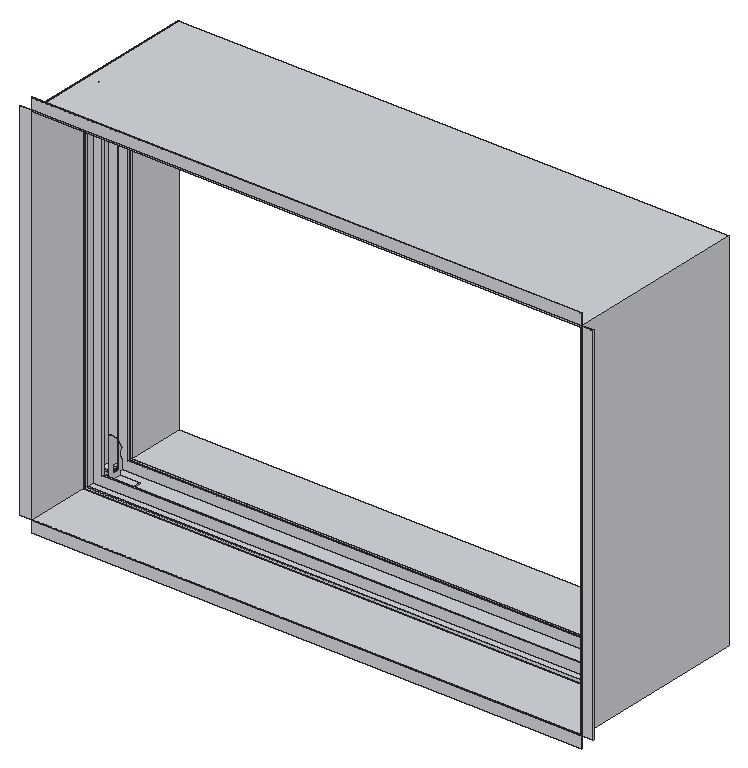
Revit family "FDD-AOW", category Mechanical Equipment, Revit 2015
Parameters
  URL = "http://unitedenertech.com/catalog/pdf/A-25%20%20FDD-AOW.pdf"
  Type Comments = "Max Sizes are (Vertical 42\"w x 36\"h) (Horizontal 36\"w x 36\"h)"
  Model = "FDD-AOW"
  Manufacturer = "United Enertech Corporation"
  Exact Width = 3' - 0"
  Exact Height = 2' - 0"
  Description = "Curtain Fire Damper for use in Dynamic Systems"
  Depth = 1' - 0"
  Damper Frame Width [instance] = Exact Width - 0' 0 9/128"  # 2' - 11 119/128"
  Damper Frame Height [instance] = Exact Height - 0' 0 9/128"  # 1' - 11 119/128"
Reference planes (in)
  plane 1 "Center (Front/Back)": y = 0
  plane 2: z = 0
  plane 3 "Center (Left/Right)": x = 0
  plane 4: x = -18
  plane 5: x = 18
  plane 6: y = -6
  plane 7: y = 6
  plane 8: z = 24
  plane 9: x = -17.96484
  plane 10: x = 17.96484
  plane 11: z = 0.0359
  plane 12: z = 23.96559
  plane 13: x = -18.75
  plane 14: x = 18.75
  plane 15: z = -0.75
  plane 16: z = 24.75
  plane 17: y = -5.9641
Forms (in)
  Extrusion 1, solid
    sketch origin (0, 0, 0) x (1, 0, 0) y (0, 0, 1)
      loop
        line (-18, 24) -> (-18, 0) -> (18, 0) -> (18, 24) -> (-18, 24)
      loop
        line (-17.96484, 23.96559) -> (-17.96484, 0.0359) -> (17.96484, 0.0359) -> (17.96484, 23.96559) -> (-17.96484, 23.96559)
    from -6 to 6
  Extrusion 2, solid
    sketch origin (0, 0, 0) x (1, 0, 0) y (0, 0, 1)
      loop
        line (-18.75, 24) -> (-18.75, 0) -> (-18, 0) -> (-18, 24) -> (-18.75, 24)
    from 5.9641 to 6
  Extrusion 3, solid
    sketch origin (0, 0, 0) x (-1, 0, 0) y (0, 0, -1)
      loop
        line (-18.75, -24) -> (-18, -24) -> (-18, 0) -> (-18.75, 0) -> (-18.75, -24)
    from 5.9641 to 6
  Extrusion 4, solid
    sketch origin (18, 0, 18) x (0, 0, -1) y (1, 0, 0)
      loop
        line (-6.75, -36) -> (-6, -36) -> (-6, 0) -> (-6.75, 0) -> (-6.75, -36)
    from 5.9641 to 6
  Extrusion 5, solid
    sketch origin (-18, 0, 18) x (0, 0, 1) y (-1, 0, 0)
      loop
        line (-18.75, -36) -> (-18, -36) -> (-18, 0) -> (-18.75, 0) -> (-18.75, -36)
    from 5.9641 to 6
Dimensions and locks (in)
  equal spacing: plane 4, plane 3 "Center (Left/Right)", plane 5
  "Exact Width": plane 4 to plane 5
  equal spacing: plane 7, plane 1 "Center (Front/Back)", plane 6
  "Depth": plane 7 to plane 6
  "Damper Frame Width": plane 9 to plane 10
  equal spacing: plane 9, plane 3 "Center (Left/Right)", plane 10
  "Exact Height": plane 8 to level
  locked: plane 11 to level at 0.0359
  "Damper Frame Height": plane 12 to plane 11
  locked: plane 13 to plane 4 at 0.75
  locked: plane 14 to plane 5 at 0.75
  locked: level to plane 15 at 0.75
  locked: plane 16 to plane 8 at 0.75
  locked: plane 17 to plane 6 at 0.0359
  aligned and locked: level to plane 2
  aligned and locked: level to Extrusion 1 sketch curve
  aligned and locked: Extrusion 1 sketch curve to plane 4
  aligned and locked: Extrusion 1 sketch curve to plane 5
  aligned and locked: Extrusion 1 sketch curve to plane 8
  aligned and locked: Extrusion 1 sketch curve to plane 12
  aligned and locked: plane 10 to Extrusion 1 sketch curve
  aligned and locked: plane 11 to Extrusion 1 sketch curve
  aligned and locked: plane 9 to Extrusion 1 sketch curve
  aligned and locked: plane 7 to Extrusion 1
  aligned and locked: Extrusion 1 to plane 6
  aligned and locked: Extrusion 2 sketch curve to plane 13
  aligned and locked: level to Extrusion 2 sketch curve
  aligned and locked: plane 4 to Extrusion 2 sketch curve
  aligned and locked: Extrusion 2 sketch curve to plane 8
  aligned and locked: plane 17 to Extrusion 2
  aligned and locked: plane 17 to Extrusion 4
  aligned and locked: plane 17 to Extrusion 5
  aligned and locked: plane 17 to Extrusion 3
  aligned and locked: Extrusion 3 to plane 6
  aligned and locked: Extrusion 4 to plane 6
  aligned and locked: Extrusion 5 to plane 6
  aligned and locked: Extrusion 2 to plane 6
  aligned and locked: plane 3 "Center (Left/Right)" to nested 1
Automatic sketch dimensions
  Extrusion 3 sketch curve to level = 0' - 0"
  Extrusion 3 sketch curve to plane 14 = 0' - 0"
  Extrusion 3 sketch curve to plane 5 = 0' - 0"
  Extrusion 3 sketch curve to plane 8 = 0' - 0"
  Extrusion 4 sketch curve to plane 5 = 0' - 0"
  Extrusion 4 sketch curve to plane 16 = 0' - 0"
  Extrusion 4 sketch curve to plane 8 = 0' - 0"
  plane 4 to Extrusion 4 sketch curve = 0' - 0"
  plane 4 to Extrusion 5 sketch curve = 0' - 0"
  Extrusion 5 sketch curve to plane 15 = 0' - 0"
  Extrusion 5 sketch curve to level = 0' - 0"
  Extrusion 5 sketch curve to plane 5 = 0' - 0"
Nested families (in)
  nested 1: "FDD-ALB" at (0, 0, 0), type "FDD-ALB"
    with EFL Height 0' - 3 5/64", Blade Width 2' - 11 103/128", Blade Pair Number 6, Exact Width 2' - 11 119/128", Damper Height 1' - 11 119/128"
Definition of nested family "FDD-ALB"
  Parameters (values of type "FDD-ALB")
    URL = "http://unitedenertech.com/catalog/pdf/A-10%20%20FDD-ALB.pdf"
    Type Comments = "Max. Sizes are (Vertical 72\"w x 36\"h or 36\"w x 72\"h) (Horizontal 36\"w x 36\"h)"
    Model = "FDD-ALB"
    Manufacturer = "United Enertech Corporation"
    Keynote = ""
    Exact Width = 3' - 0"
    EFL Height [instance] = Blade Pair Number * 0' 0 13/32" + 0' 0 41/64"  # 0' - 3 5/64"
    Description = "Curtain Fire Damper for use in Static or Dynamic Systems"
    Damper Height = 2' - 0"
    Depth = 0' - 3 11/16"
    Blade Width [instance] = Exact Width - 0' 0 1/8"  # 2' - 11 7/8"
    Blade Pair Number [instance] = (Damper Height - 0' 0 9/128") / 0' 3 7/8"  # 6
  Reference planes (in)
    plane 1 "Center (Front/Back)": y = 0
    plane 2: z = 0
    plane 3 "Center (Left/Right)": x = 0
    plane 4: x = -18
    plane 5: x = 18
    plane 6: y = -1.84375
    plane 7: y = 1.84375
    plane 8: z = 24
    plane 9: x = -17.9641
    plane 10: x = 17.9641
    plane 11: z = 0.0359
    plane 12: z = 23.9641
    plane 13: y = 1.09375
    plane 14: y = -1.09375
    plane 15: y = -0.96875
    plane 16: y = 0.96875
    plane 17: z = 0.6609
    plane 18: x = -17.3391
    plane 19: x = 17.3391
    plane 20: z = 23.3391
    plane 21: x = -0.25
    plane 22: x = 0.25
    plane 23: z = 20.88598
    plane 24: z = 20.92188
    plane 25: z = 0.2234
    plane 26: z = 23.7766
    plane 27: x = 17.7766
    plane 28: x = -17.7766
    plane 29: y = 1.80785
    plane 30: y = -1.80785
  Forms (in)
    Extrusion 1, solid
      sketch origin (0, 0, 0) x (1, 0, 0) y (0, 0, 1)
        loop
          line (-17.9641, 23.9641) -> (-17.9641, 0.0359) -> (17.9641, 0.0359) -> (17.9641, 23.9641) -> (-17.9641, 23.9641)
        loop
          line (-18, 24) -> (-18, 0) -> (18, 0) -> (18, 24) -> (-18, 24)
      from -1.84375 to 1.84375
    Extrusion 2, solid
      sketch origin (0, 0, 0) x (1, 0, 0) y (0, 0, 1)
        loop
          line (-17.3391, 23.3391) -> (-17.3391, 0.6609) -> (17.3391, 0.6609) -> (17.3391, 23.3391) -> (-17.3391, 23.3391)
        loop
          line (-17.9641, 23.9641) -> (-17.9641, 0.0359) -> (17.9641, 0.0359) -> (17.9641, 23.9641) -> (-17.9641, 23.9641)
      from 0.96875 to 1.09375
    Extrusion 3, solid
      sketch origin (0, 0, 0) x (1, 0, 0) y (0, 0, 1)
        loop
          line (-17.3391, 23.3391) -> (-17.3391, 0.6609) -> (17.3391, 0.6609) -> (17.3391, 23.3391) -> (-17.3391, 23.3391)
        loop
          line (-17.9641, 23.9641) -> (-17.9641, 0.0359) -> (17.9641, 0.0359) -> (17.9641, 23.9641) -> (-17.9641, 23.9641)
      from -1.09375 to -0.96875
    Extrusion 4, solid
      sketch origin (0, 0, 0) x (0, 1, 0) y (0, 0, 1)
        loop
          line (0.96875, 23.9641) -> (0.93285, 23.9641) -> (0.93285, 20.88598) -> (1.43285, 20.88598) -> (1.43285, 21.55473) -> (1.39695, 21.55473) -> (1.39695, 20.92188) -> (0.96875, 20.92188) -> (0.96875, 23.9641)
      from -0.25 to 0.25
    Extrusion 5, solid
      sketch origin (0, 0, 0) x (0, -1, 0) y (0, 0, -1)
        loop
          line (0.96875, -23.9641) -> (0.96875, -20.92188) -> (1.39695, -20.92188) -> (1.39695, -21.55473) -> (1.43285, -21.55473) -> (1.43285, -20.88598) -> (0.93285, -20.88598) -> (0.93285, -23.9641) -> (0.96875, -23.9641)
      from -0.25 to 0.25
    Extrusion 6, solid
      sketch origin (0, 0, 0) x (0, 1, 0) y (0, 0, 1)
        loop
          line (0.18683, 0.46965) -> (0.18683, 20.88598) -> (0.15093, 20.88598) -> (0.15093, 0.46965) -> (0.18683, 0.46965)
      from 17.3391 to 17.9641
    Extrusion 7, solid
      sketch origin (0, 0, 0) x (0, 1, 0) y (0, 0, 1)
        loop
          line (0.18683, 0.46965) -> (0.18683, 20.88598) -> (0.15093, 20.88598) -> (0.15093, 0.46965) -> (0.18683, 0.46965)
      from -17.3391 to -17.9641
    Extrusion 8, solid
      sketch origin (0, 0, 0) x (0, 1, 0) y (0, 0, 1)
        loop
          arc (0.18683, 20.88598) -> (0.08831, 21.27851) -> (-0.15941, 21.59854) r 0.98736
          line (-0.15941, 21.59854) -> (-0.18442, 21.57353)
          arc (-0.18442, 21.57353) -> (0.05139, 21.26299) -> (0.15093, 20.88598) r 1.00288
          line (0.15093, 20.88598) -> (0.18683, 20.88598)
      from 17.3391 to 17.9641
    Extrusion 9, solid
      sketch origin (0, 0, 0) x (0, 1, 0) y (0, 0, 1)
        loop
          arc (0.18683, 20.88598) -> (0.08831, 21.27851) -> (-0.15941, 21.59854) r 0.98736
          line (-0.15941, 21.59854) -> (-0.18442, 21.57353)
          arc (-0.18442, 21.57353) -> (0.05139, 21.26299) -> (0.15093, 20.88598) r 1.00288
          line (0.15093, 20.88598) -> (0.18683, 20.88598)
      from -17.9641 to -17.3391
    Extrusion 10, solid
      sketch origin (0, 0, 0) x (1, 0, 0) y (0, 0, 1)
        loop
          line (-17.7766, 23.7766) -> (-17.7766, 0.2234) -> (17.7766, 0.2234) -> (17.7766, 23.7766) -> (-17.7766, 23.7766)
        loop
          line (-17.9641, 0.0359) -> (17.9641, 0.0359) -> (17.9641, 23.9641) -> (-17.9641, 23.9641) -> (-17.9641, 0.0359)
      from -1.84375 to -1.80785
    Extrusion 11, solid
      sketch origin (0, 0, 0) x (1, 0, 0) y (0, 0, 1)
        loop
          line (-17.7766, 23.7766) -> (-17.7766, 0.2234) -> (17.7766, 0.2234) -> (17.7766, 23.7766) -> (-17.7766, 23.7766)
        loop
          line (-17.9641, 0.0359) -> (17.9641, 0.0359) -> (17.9641, 23.9641) -> (-17.9641, 23.9641) -> (-17.9641, 0.0359)
      from 1.80785 to 1.84375
  Dimensions and locks (in)
    equal spacing: plane 4, plane 3 "Center (Left/Right)", plane 5
    "Exact Width": plane 4 to plane 5
    equal spacing: plane 7, plane 1 "Center (Front/Back)", plane 6
    "Depth": plane 7 to plane 6
    "Damper Height": plane 8 to level
    locked: plane 9 to plane 4 at 0.0359
    locked: plane 5 to plane 10 at 0.0359
    locked: plane 8 to plane 12 at 0.0359
    locked: plane 11 to level at 0.0359
    locked: plane 13 to plane 14 at 2.1875
    locked: plane 15 to plane 14 at 0.125
    locked: plane 13 to plane 16 at 0.125
    locked: plane 18 to plane 9 at 0.625
    locked: plane 10 to plane 19 at 0.625
    locked: plane 17 to plane 11 at 0.625
    locked: plane 12 to plane 20 at 0.625
    equal spacing: group 1, group 2, group 3, group 4, group 5, group 6  (x2)
    equal spacing: group 6, group 5, group 4, group 3, group 2, group 1
    locked: nested 1 to nested 2 at 0.40625
    "EFL Height": plane 12 to plane 23
    locked: plane 24 to plane 23 at 0.0359
    locked: plane 25 to level at 0.2234
    locked: plane 8 to plane 26 at 0.2234
    locked: plane 4 to plane 28 at 0.2234
    locked: plane 5 to plane 27 at 0.2234
    locked: plane 7 to plane 29 at 0.0359
    locked: plane 30 to plane 6 at 0.0359
    aligned and locked: level to plane 2
    aligned and locked: level to Extrusion 1 sketch curve
    aligned and locked: Extrusion 1 sketch curve to plane 4
    aligned and locked: Extrusion 1 sketch curve to plane 5
    aligned and locked: Extrusion 1 sketch curve to plane 8
    aligned and locked: Extrusion 1 sketch curve to plane 12
    aligned and locked: plane 10 to Extrusion 1 sketch curve
    aligned and locked: plane 11 to Extrusion 1 sketch curve
    aligned and locked: plane 9 to Extrusion 1 sketch curve
    aligned and locked: plane 7 to Extrusion 1
    aligned and locked: Extrusion 1 to plane 6
    aligned and locked: plane 11 to Extrusion 2 sketch curve
    aligned and locked: plane 9 to Extrusion 2 sketch curve
    aligned and locked: plane 10 to Extrusion 2 sketch curve
    aligned and locked: Extrusion 2 sketch curve to plane 12
    aligned and locked: Extrusion 2 sketch curve to plane 20
    aligned and locked: Extrusion 2 sketch curve to plane 19
    aligned and locked: plane 17 to Extrusion 2 sketch curve
    aligned and locked: Extrusion 2 sketch curve to plane 18
    aligned and locked: plane 13 to Extrusion 3
    aligned and locked: Extrusion 3 to plane 16
    aligned and locked: plane 15 to Extrusion 2
    aligned and locked: Extrusion 2 to plane 14
    aligned and locked: plane 3 "Center (Left/Right)" to nested 1
    aligned and locked: plane 12 to nested 1
    aligned and locked: plane 21 to Extrusion 5
    aligned and locked: plane 21 to Extrusion 4
    aligned and locked: plane 22 to Extrusion 5
    aligned and locked: plane 22 to Extrusion 4
    aligned and locked: Extrusion 5 sketch curve to plane 23
    aligned and locked: plane 23 to Extrusion 4 sketch curve
    aligned and locked: plane 24 to Extrusion 4 sketch curve
    aligned and locked: Extrusion 5 sketch curve to plane 24
    aligned and locked: nested 4 to plane 24
    aligned and locked: nested 6 to plane 9
    aligned and locked: plane 10 to nested 7
    aligned and locked: Extrusion 6 sketch curve to plane 23
    aligned and locked: Extrusion 7 to plane 9
    aligned and locked: Extrusion 7 to plane 18
    aligned and locked: Extrusion 6 to plane 19
    aligned and locked: Extrusion 6 to plane 10
    aligned and locked: Extrusion 8 sketch curve to plane 23
    aligned and locked: Extrusion 9 to plane 9
    aligned and locked: Extrusion 9 to plane 18
    aligned and locked: plane 10 to Extrusion 8
    aligned and locked: Extrusion 8 to plane 19
    aligned and locked: Extrusion 10 sketch curve to plane 11
    aligned and locked: Extrusion 10 sketch curve to plane 10
    aligned and locked: Extrusion 10 sketch curve to plane 9
    aligned and locked: plane 12 to Extrusion 10 sketch curve
    aligned and locked: plane 26 to Extrusion 10 sketch curve
    aligned and locked: Extrusion 10 sketch curve to plane 28
    aligned and locked: Extrusion 10 sketch curve to plane 25
    aligned and locked: Extrusion 10 sketch curve to plane 27
    aligned and locked: plane 7 to Extrusion 10
    aligned and locked: Extrusion 10 to plane 29
    aligned and locked: Extrusion 11 to plane 30
    aligned and locked: Extrusion 11 to plane 6
  Automatic sketch dimensions
    Extrusion 3 sketch curve to plane 9 = 0' - 0"
    Extrusion 3 sketch curve to plane 17 = 0' - 0"
    plane 18 to Extrusion 3 sketch curve = 0' - 0"
    Extrusion 3 sketch curve to plane 19 = 0' - 0"
    plane 10 to Extrusion 3 sketch curve = 0' - 0"
    Extrusion 3 sketch curve to plane 11 = 0' - 0"
    Extrusion 3 sketch curve to plane 20 = 0' - 0"
    Extrusion 3 sketch curve to plane 12 = 0' - 0"
    Extrusion 4 sketch curve to plane 12 = 0' - 0"
    Extrusion 4 sketch curve to plane 16 = 0' - 0"
    Extrusion 4 sketch curve to plane 16 = 0' - 0.0359"
    plane 13 to Extrusion 4 sketch curve = 0' - 0.3032"
    Extrusion 4 sketch curve to Extrusion 4 sketch curve = 0' - 0.0359"
    plane 24 to Extrusion 4 sketch curve = 0' - 0.63285"
    Extrusion 5 sketch curve to plane 12 = 0' - 0"
    Extrusion 5 sketch curve to plane 15 = 0' - 0"
    Extrusion 5 sketch curve to plane 15 = 0' - 0.0359"
    plane 14 to Extrusion 5 sketch curve = 0' - 0.3032"
    Extrusion 5 sketch curve to Extrusion 5 sketch curve = 0' - 0.0359"
    Extrusion 5 sketch curve to plane 24 = 0' - 0.63285"
    Extrusion 6 sketch curve to plane 1 "Center (Front/Back)" = 0' - 0.15093"
    Extrusion 6 sketch curve to Extrusion 6 sketch curve = 0' - 0.0359"
    Extrusion 6 sketch curve to plane 17 = 0' - 0.19125"
    Extrusion 7 sketch curve to plane 23 = 0' - 0"
    Extrusion 7 sketch curve to plane 1 "Center (Front/Back)" = 0' - 0.15093"
    Extrusion 7 sketch curve to Extrusion 7 sketch curve = 0' - 0.0359"
    Extrusion 7 sketch curve to plane 17 = 0' - 0.19125"
    plane 15 to Extrusion 8 sketch curve = 0' - 0.11876"
    Extrusion 8 sketch curve to Extrusion 8 sketch curve = 0' - 0.05023"
    plane 1 "Center (Front/Back)" to Extrusion 8 sketch curve = 0' - 0.18442"
    Extrusion 8 sketch curve to Extrusion 8 sketch curve = 0' - 0.02501"
    Extrusion 8 sketch curve to plane 1 "Center (Front/Back)" = 0' - 0.15093"
    Extrusion 8 sketch curve to Extrusion 8 sketch curve = 0' - 0.0359"
    Extrusion 8 sketch curve to plane 23 = 0' - 0.03898"
    Extrusion 8 sketch curve to Extrusion 8 sketch curve = 0' - 0.02364"
    Extrusion 9 sketch curve to plane 23 = 0' - 0"
    plane 15 to Extrusion 9 sketch curve = 0' - 0.11876"
    Extrusion 9 sketch curve to Extrusion 9 sketch curve = 0' - 0.05023"
    plane 1 "Center (Front/Back)" to Extrusion 9 sketch curve = 0' - 0.18442"
    Extrusion 9 sketch curve to Extrusion 9 sketch curve = 0' - 0.02501"
    Extrusion 9 sketch curve to plane 1 "Center (Front/Back)" = 0' - 0.15093"
    Extrusion 9 sketch curve to Extrusion 9 sketch curve = 0' - 0.0359"
    Extrusion 9 sketch curve to plane 23 = 0' - 0.03898"
    Extrusion 9 sketch curve to Extrusion 9 sketch curve = 0' - 0.02364"
    Extrusion 11 sketch curve to plane 9 = 0' - 0"
    Extrusion 11 sketch curve to plane 25 = 0' - 0"
    plane 28 to Extrusion 11 sketch curve = 0' - 0"
    Extrusion 11 sketch curve to plane 26 = 0' - 0"
    Extrusion 11 sketch curve to plane 27 = 0' - 0"
    plane 10 to Extrusion 11 sketch curve = 0' - 0"
    Extrusion 11 sketch curve to plane 11 = 0' - 0"
    Extrusion 11 sketch curve to plane 12 = 0' - 0"
  Nested families (in)
    nested 1: "FD-SALB BLADESEDITED" at (0, 1.17008, 23.12138), type "FD-SALB BLADESEDITED"
      with Blade Width 2' - 11 7/8"
    nested 2: "FD-SALB BLADESEDITED" at (0, 1.17008, 22.71513), type "FD-SALB BLADESEDITED"
      with Blade Width 2' - 11 7/8"
    nested 3: "FD-SALB BLADESEDITED" at (0, 1.17008, 22.30888), type "FD-SALB BLADESEDITED"
      with Blade Width 2' - 11 7/8"
    nested 4: "EFL" at (4.62017, 3.54736, 20.92188), type "EFL"
    nested 5: "FD-SALB BLADESEDITED" at (0, 1.17008, 21.90263), type "FD-SALB BLADESEDITED"
      with Blade Width 2' - 11 7/8"
    nested 6: "Fire Damper Spring" at (-17.41019, -4.48368, -2.82915) x (0, 1, 0) z (0, 0, 1), type "Fire Damper Spring"
    nested 7: "Fire Damper Spring" at (17.41019, -4.48368, -2.82915) x (0, 1, 0) z (0, 0, 1), type "Fire Damper Spring"
    nested 8: "FD-SALB BLADESEDITED" at (0, 1.17008, 21.49638), type "FD-SALB BLADESEDITED"
      with Blade Width 2' - 11 7/8"
    nested 9: "FD-SALB BLADESEDITED" at (0, 1.17008, 21.09013), type "FD-SALB BLADESEDITED"
      with Blade Width 2' - 11 7/8"
  Definition of nested family "FD-SALB BLADESEDITED"
    Parameters (values of type "FD-SALB BLADESEDITED")
      Blade Width = 1' - 11 7/8"
    Reference planes (in)
      plane 1 "Center (Front/Back)": y = 0
      plane 2: z = 0
      plane 3 "Center (Left/Right)": x = 0
      plane 4: x = -11.9375
      plane 5: x = 11.9375
    Forms (in)
      Extrusion 1, solid
        sketch origin (0, 0, 0) x (0, 1, 0) y (0, 0, 1)
          loop
            line (-0.31672, 0.53073) -> (-0.3446, 0.62657)
            arc (-0.3446, 0.62657) -> (-0.33726, 0.6415) -> (-0.32269, 0.63348) r 0.0115
            line (-0.32269, 0.63348) -> (-0.30545, 0.53536)
            arc (-0.30545, 0.53536) -> (-0.31611, 0.49773) -> (-0.35217, 0.48264) r 0.045
            line (-0.35217, 0.48264) -> (-0.39872, 0.48554)
            arc (-0.39872, 0.48554) -> (-0.42675, 0.49692) -> (-0.44125, 0.52348) r 0.045
            line (-0.44125, 0.52348) -> (-0.47071, 0.66865)
            arc (-0.47071, 0.66865) -> (-0.48965, 0.70349) -> (-0.5262, 0.7189) r 0.06
            line (-0.5262, 0.7189) -> (-1.55698, 0.78305) -> (-1.76244, 0.79584)
            arc (-1.76244, 0.79584) -> (-1.79846, 0.78683) -> (-1.82228, 0.75836) r 0.06
            line (-1.82228, 0.75836) -> (-1.88016, 0.61423)
            arc (-1.88016, 0.61423) -> (-1.90974, 0.57877) -> (-1.95445, 0.56733) r 0.075
            arc (-1.95445, 0.56733) -> (-2.03902, 0.60869) -> (-2.06957, 0.69773) r 0.123
            line (-2.06957, 0.69773) -> (-2.06418, 0.78456)
            arc (-2.06418, 0.78456) -> (-2.05371, 0.80551) -> (-2.03138, 0.81256) r 0.03
            line (-2.03138, 0.81256) -> (-1.90763, 0.80489) -> (-1.90763, 0.8362) -> (-2.01284, 0.84272) -> (-2.04641, 0.84272)
            arc (-2.04641, 0.84272) -> (-2.08042, 0.82292) -> (-2.09536, 0.7865) r 0.06125
            line (-2.09536, 0.7865) -> (-2.10077, 0.69966)
            arc (-2.10077, 0.69966) -> (-2.06244, 0.58801) -> (-1.95639, 0.53614) r 0.15425
            arc (-1.95639, 0.53614) -> (-1.89306, 0.55235) -> (-1.8512, 0.60257) r 0.10625
            line (-1.8512, 0.60257) -> (-1.7933, 0.74674)
            arc (-1.7933, 0.74674) -> (-1.78183, 0.76038) -> (-1.76452, 0.76466) r 0.02875
            line (-1.76452, 0.76466) -> (-1.55892, 0.75186) -> (-0.52813, 0.68773)
            arc (-0.52813, 0.68773) -> (-0.51045, 0.68016) -> (-0.50148, 0.66314) r 0.02875
            line (-0.50148, 0.66314) -> (-0.47199, 0.51784)
            arc (-0.47199, 0.51784) -> (-0.4474, 0.47346) -> (-0.4004, 0.45434) r 0.07625
            line (-0.4004, 0.45434) -> (-0.35398, 0.45144)
            arc (-0.35398, 0.45144) -> (-0.29278, 0.47694) -> (-0.27468, 0.54073) r 0.07625
            line (-0.27468, 0.54073) -> (-0.29191, 0.63889)
            arc (-0.29191, 0.63889) -> (-0.33988, 0.67434) -> (-0.37768, 0.6282) r 0.04327
            line (-0.37768, 0.6282) -> (-0.34677, 0.52199) -> (-0.31672, 0.53073)
        from -11.9375 to 11.9375
      Extrusion 2, solid
        sketch origin (0, 0, 0) x (0, 1, 0) y (0, 0, 1)
          loop
            arc (-0.31635, 0.67497) -> (-0.29361, 0.66856) -> (-0.28256, 0.64768) r 0.03
            line (-0.28256, 0.64768) -> (-0.2714, 0.56286)
            arc (-0.2714, 0.56286) -> (-0.29582, 0.47194) -> (-0.37737, 0.42491) r 0.123
            arc (-0.37737, 0.42491) -> (-0.42275, 0.43328) -> (-0.45469, 0.46664) r 0.075
            line (-0.45469, 0.46664) -> (-0.52225, 0.60648)
            arc (-0.52225, 0.60648) -> (-0.54755, 0.63305) -> (-0.58358, 0.63992) r 0.06
            line (-0.58358, 0.63992) -> (-0.78858, 0.61304) -> (-1.81262, 0.47877)
            arc (-1.81262, 0.47877) -> (-1.84723, 0.46173) -> (-1.86432, 0.42714) r 0.06
            line (-1.86432, 0.42714) -> (-1.88437, 0.27537)
            arc (-1.88437, 0.27537) -> (-1.89734, 0.2499) -> (-1.92301, 0.23735) r 0.045
            line (-1.92301, 0.23735) -> (-1.96868, 0.2314)
            arc (-1.96868, 0.2314) -> (-2.00696, 0.24361) -> (-2.02023, 0.28153) r 0.045
            line (-2.02023, 0.28153) -> (-2.00995, 0.379)
            arc (-2.00995, 0.379) -> (-1.99657, 0.38882) -> (-1.98728, 0.37505) r 0.0115
            line (-1.98728, 0.37505) -> (-2.00879, 0.27676) -> (-1.97772, 0.26996) -> (-1.95543, 0.37179)
            arc (-1.95543, 0.37179) -> (-1.99381, 0.41919) -> (-2.04121, 0.38081) r 0.04313
            line (-2.04121, 0.38081) -> (-2.05127, 0.28509)
            arc (-2.05127, 0.28509) -> (-2.02877, 0.22122) -> (-1.96431, 0.20045) r 0.07625
            line (-1.96431, 0.20045) -> (-1.91897, 0.20638)
            arc (-1.91897, 0.20638) -> (-1.87533, 0.22771) -> (-1.85342, 0.27106) r 0.07625
            line (-1.85342, 0.27106) -> (-1.83333, 0.42305)
            arc (-1.83333, 0.42305) -> (-1.82514, 0.43962) -> (-1.80853, 0.44779) r 0.02875
            line (-1.80853, 0.44779) -> (-0.78452, 0.58205) -> (-0.57967, 0.60892)
            arc (-0.57967, 0.60892) -> (-0.56246, 0.60559) -> (-0.55039, 0.5929) r 0.02875
            line (-0.55039, 0.5929) -> (-0.48278, 0.45303)
            arc (-0.48278, 0.45303) -> (-0.4376, 0.40578) -> (-0.37331, 0.39393) r 0.10625
            arc (-0.37331, 0.39393) -> (-0.27103, 0.4529) -> (-0.24041, 0.56695) r 0.15425
            line (-0.24041, 0.56695) -> (-0.2515, 0.65113)
            arc (-0.2515, 0.65113) -> (-0.27433, 0.69316) -> (-0.32041, 0.70596) r 0.06125
            line (-0.32041, 0.70596) -> (-0.44437, 0.68971) -> (-0.44031, 0.65872) -> (-0.31635, 0.67497)
        from -11.9375 to 11.9375
    Dimensions and locks (in)
      equal spacing: plane 4, plane 3 "Center (Left/Right)", plane 5
      "Blade Width": plane 4 to plane 5
      aligned and locked: level to plane 2
      aligned and locked: plane 4 to Extrusion 1
      aligned and locked: plane 4 to Extrusion 2
      aligned and locked: plane 5 to Extrusion 1
      aligned and locked: plane 5 to Extrusion 2
    Automatic sketch dimensions
      Extrusion 2 sketch curve to Extrusion 2 sketch curve = 0' - 0"  (x35)
      level to Extrusion 2 sketch curve = 0' - 0.28509"
      plane 1 "Center (Front/Back)" to Extrusion 2 sketch curve = 0' - 2.05127"
      level to Extrusion 2 sketch curve = 0' - 0.38081"
      Extrusion 2 sketch curve to Extrusion 2 sketch curve = 0' - 0.01006"
      level to Extrusion 2 sketch curve = 0' - 0.28153"
      Extrusion 2 sketch curve to Extrusion 2 sketch curve = 0' - 0.03105"
      level to Extrusion 2 sketch curve = 0' - 0.27676"
      Extrusion 2 sketch curve to Extrusion 2 sketch curve = 0' - 0.01143"  (x2)
      Extrusion 2 sketch curve to Extrusion 2 sketch curve = 0' - 0.04266"
      Extrusion 2 sketch curve to Extrusion 2 sketch curve = 0' - 0.00023"
      level to Extrusion 2 sketch curve = 0' - 0.26996"
      Extrusion 2 sketch curve to Extrusion 2 sketch curve = 0' - 0.03107"
      Extrusion 2 sketch curve to Extrusion 2 sketch curve = 0' - 0.00213"
      level to Extrusion 2 sketch curve = 0' - 0.2314"
      Extrusion 2 sketch curve to Extrusion 2 sketch curve = 0' - 0.00904"
      level to Extrusion 2 sketch curve = 0' - 0.20045"
      level to Extrusion 2 sketch curve = 0' - 0.37179"
      Extrusion 2 sketch curve to Extrusion 2 sketch curve = 0' - 0.0467"
      level to Extrusion 2 sketch curve = 0' - 0.27537"
      Extrusion 2 sketch curve to Extrusion 2 sketch curve = 0' - 0.04451"
      level to Extrusion 2 sketch curve = 0' - 0.27106"
      Extrusion 2 sketch curve to Extrusion 2 sketch curve = 0' - 0.03095"
      Extrusion 2 sketch curve to Extrusion 2 sketch curve = 0' - 0.0486"
      plane 1 "Center (Front/Back)" to Extrusion 2 sketch curve = 0' - 0.78452"
      Extrusion 2 sketch curve to Extrusion 2 sketch curve = 0' - 0.20094"
      Extrusion 2 sketch curve to Extrusion 2 sketch curve = 0' - 0 1/256"  (x2)
      Extrusion 2 sketch curve to Extrusion 2 sketch curve = 0' - 0.0034"
      Extrusion 2 sketch curve to Extrusion 2 sketch curve = 0' - 0.13921"
      Extrusion 2 sketch curve to Extrusion 2 sketch curve = 0' - 0.00406"  (x3)
      Extrusion 2 sketch curve to Extrusion 2 sketch curve = 0' - 0.04695"
      Extrusion 2 sketch curve to Extrusion 2 sketch curve = 0' - 0.00624"
      Extrusion 2 sketch curve to Extrusion 2 sketch curve = 0' - 0.0809"
      Extrusion 2 sketch curve to Extrusion 2 sketch curve = 0' - 0.0299"
      Extrusion 2 sketch curve to Extrusion 2 sketch curve = 0' - 0.03106"
      Extrusion 2 sketch curve to Extrusion 2 sketch curve = 0' - 0.00661"
      Extrusion 2 sketch curve to Extrusion 2 sketch curve = 0' - 0.00119"
      Extrusion 2 sketch curve to Extrusion 2 sketch curve = 0' - 0.14822"
      level to Extrusion 2 sketch curve = 0' - 0.49927"
      Extrusion 2 sketch curve to Extrusion 2 sketch curve = 0' - 0.04759"
      Extrusion 2 sketch curve to Extrusion 2 sketch curve = 0' - 0.0335"
      Extrusion 2 sketch curve to Extrusion 2 sketch curve = 0' - 0.00168"
      Extrusion 2 sketch curve to Extrusion 2 sketch curve = 0' - 0.02855"
      Extrusion 2 sketch curve to Extrusion 2 sketch curve = 0' - 0.031"
      Extrusion 2 sketch curve to Extrusion 2 sketch curve = 0' - 0.09835"
      Extrusion 2 sketch curve to Extrusion 2 sketch curve = 0' - 0.00246"
      Extrusion 2 sketch curve to Extrusion 2 sketch curve = 0' - 0.00345"
      Extrusion 2 sketch curve to Extrusion 2 sketch curve = 0' - 0.11186"
      Extrusion 2 sketch curve to Extrusion 2 sketch curve = 0' - 0.03098"  (x3)
      level to Extrusion 2 sketch curve = 0' - 0.37898"
      Extrusion 2 sketch curve to Extrusion 2 sketch curve = 0' - 0.00003"  (x4)
      Extrusion 2 sketch curve to Extrusion 2 sketch curve = 0' - 0.01101"
      level to Extrusion 2 sketch curve = 0' - 0.37505"
      Extrusion 2 sketch curve to Extrusion 2 sketch curve = 0' - 0.00585"
      level to Extrusion 2 sketch curve = 0' - 0.23735"
      Extrusion 2 sketch curve to Extrusion 2 sketch curve = 0' - 0.00404"
      level to Extrusion 2 sketch curve = 0' - 0.20636"
      level to Extrusion 2 sketch curve = 0' - 0.42714"
      Extrusion 2 sketch curve to Extrusion 2 sketch curve = 0' - 0.0595"
      level to Extrusion 2 sketch curve = 0' - 0.42305"
      Extrusion 2 sketch curve to Extrusion 2 sketch curve = 0' - 0.02852"
      Extrusion 2 sketch curve to Extrusion 2 sketch curve = 0' - 0.0207"
      level to Extrusion 2 sketch curve = 0' - 0.47878"
      Extrusion 2 sketch curve to Extrusion 2 sketch curve = 0' - 0.00374"
      level to Extrusion 2 sketch curve = 0' - 0.44779"
      Extrusion 2 sketch curve to Extrusion 2 sketch curve = 0' - 0.02588"
      Extrusion 2 sketch curve to Extrusion 2 sketch curve = 0' - 0.02814"
      Extrusion 2 sketch curve to Extrusion 2 sketch curve = 0' - 0.0957"
      Extrusion 2 sketch curve to Extrusion 2 sketch curve = 0' - 0.00004"  (x2)
      Extrusion 2 sketch curve to Extrusion 2 sketch curve = 0' - 0.02809"
      Extrusion 2 sketch curve to Extrusion 2 sketch curve = 0' - 0.00975"
      Extrusion 2 sketch curve to Extrusion 2 sketch curve = 0' - 0.00796"
      Extrusion 2 sketch curve to Extrusion 2 sketch curve = 0' - 0.01116"
      Extrusion 2 sketch curve to Extrusion 2 sketch curve = 0' - 0.00002"
      Extrusion 1 sketch curve to Extrusion 1 sketch curve = 0' - 0"  (x30)
      level to Extrusion 1 sketch curve = 0' - 0.7827"
      plane 1 "Center (Front/Back)" to Extrusion 1 sketch curve = 0' - 2.03423"
      Extrusion 1 sketch curve to Extrusion 1 sketch curve = 0' - 0.00284"
      Extrusion 1 sketch curve to Extrusion 1 sketch curve = 0' - 0.01854"
      Extrusion 1 sketch curve to Extrusion 1 sketch curve = 0' - 0.08443"
      Extrusion 1 sketch curve to Extrusion 1 sketch curve = 0' - 0.00298"
      Extrusion 1 sketch curve to Extrusion 1 sketch curve = 0' - 0.03918"
      Extrusion 1 sketch curve to Extrusion 1 sketch curve = 0' - 0.14102"
      level to Extrusion 1 sketch curve = 0' - 0.76466"
      Extrusion 1 sketch curve to Extrusion 1 sketch curve = 0' - 0.00209"
      level to Extrusion 1 sketch curve = 0' - 0.79584"
      Extrusion 1 sketch curve to Extrusion 1 sketch curve = 0' - 0.00208"  (x2)
      level to Extrusion 1 sketch curve = 0' - 0.75186"
      Extrusion 1 sketch curve to Extrusion 1 sketch curve = 0' - 0.2056"
      Extrusion 1 sketch curve to Extrusion 1 sketch curve = 0' - 0.00194"  (x2)
      plane 1 "Center (Front/Back)" to Extrusion 1 sketch curve = 0' - 0.52993"
      Extrusion 1 sketch curve to Extrusion 1 sketch curve = 0' - 0.02845"
      Extrusion 1 sketch curve to Extrusion 1 sketch curve = 0' - 0.02949"
      Extrusion 1 sketch curve to Extrusion 1 sketch curve = 0' - 0.03077"  (x2)
      Extrusion 1 sketch curve to Extrusion 1 sketch curve = 0' - 0.03074"
      Extrusion 1 sketch curve to Extrusion 1 sketch curve = 0' - 0.04085"
      Extrusion 1 sketch curve to Extrusion 1 sketch curve = 0' - 0.00168"
      Extrusion 1 sketch curve to Extrusion 1 sketch curve = 0' - 0.04445"
      Extrusion 1 sketch curve to Extrusion 1 sketch curve = 0' - 0.01912"
      Extrusion 1 sketch curve to Extrusion 1 sketch curve = 0' - 0.04641"
      Extrusion 1 sketch curve to Extrusion 1 sketch curve = 0' - 0.00182"
      Extrusion 1 sketch curve to Extrusion 1 sketch curve = 0' - 0.00238"
      Extrusion 1 sketch curve to Extrusion 1 sketch curve = 0' - 0.00302"
      Extrusion 1 sketch curve to Extrusion 1 sketch curve = 0' - 0.03307"
      Extrusion 1 sketch curve to Extrusion 1 sketch curve = 0' - 0.01008"
      Extrusion 1 sketch curve to Extrusion 1 sketch curve = 0' - 0.00072"
      Extrusion 1 sketch curve to Extrusion 1 sketch curve = 0' - 0.01112"
      Extrusion 1 sketch curve to Extrusion 1 sketch curve = 0' - 0.03006"
      Extrusion 1 sketch curve to Extrusion 1 sketch curve = 0' - 0.03078"
      Extrusion 1 sketch curve to Extrusion 1 sketch curve = 0' - 0.02867"
      Extrusion 1 sketch curve to Extrusion 1 sketch curve = 0' - 0.09261"
      level to Extrusion 1 sketch curve = 0' - 0.66865"
      Extrusion 1 sketch curve to Extrusion 1 sketch curve = 0' - 0.00551"
      Extrusion 1 sketch curve to Extrusion 1 sketch curve = 0' - 0.00412"
      Extrusion 1 sketch curve to Extrusion 1 sketch curve = 0' - 0.04791"
      Extrusion 1 sketch curve to Extrusion 1 sketch curve = 0' - 0.02976"
      Extrusion 1 sketch curve to Extrusion 1 sketch curve = 0' - 0.00541"
      Extrusion 1 sketch curve to Extrusion 1 sketch curve = 0' - 0.00087"
      Extrusion 1 sketch curve to Extrusion 1 sketch curve = 0' - 0.00852"
      Extrusion 1 sketch curve to Extrusion 1 sketch curve = 0' - 0.00559"
      Extrusion 1 sketch curve to Extrusion 1 sketch curve = 0' - 0.00702"
      Extrusion 1 sketch curve to Extrusion 1 sketch curve = 0' - 0.00564"
      Extrusion 1 sketch curve to Extrusion 1 sketch curve = 0' - 0.03935"
      Extrusion 1 sketch curve to Extrusion 1 sketch curve = 0' - 0.0312"
      Extrusion 1 sketch curve to Extrusion 1 sketch curve = 0' - 0.03119"
      Extrusion 1 sketch curve to Extrusion 1 sketch curve = 0' - 0.1148"
      Extrusion 1 sketch curve to Extrusion 1 sketch curve = 0' - 0.03131"
      Extrusion 1 sketch curve to Extrusion 1 sketch curve = 0' - 0.02994"
      level to Extrusion 1 sketch curve = 0' - 0.78456"
      Extrusion 1 sketch curve to Extrusion 1 sketch curve = 0' - 0.00539"
      level to Extrusion 1 sketch curve = 0' - 0.69772"
      Extrusion 1 sketch curve to Extrusion 1 sketch curve = 0' - 0.03117"
      Extrusion 1 sketch curve to Extrusion 1 sketch curve = 0' - 0.03118"
      level to Extrusion 1 sketch curve = 0' - 0.69966"
      Extrusion 1 sketch curve to Extrusion 1 sketch curve = 0' - 0.03357"
      Extrusion 1 sketch curve to Extrusion 1 sketch curve = 0' - 0.0066"
      Extrusion 1 sketch curve to Extrusion 1 sketch curve = 0' - 0.06959"
      level to Extrusion 1 sketch curve = 0' - 0.61423"
      Extrusion 1 sketch curve to Extrusion 1 sketch curve = 0' - 0.00004"  (x2)
      Extrusion 1 sketch curve to Extrusion 1 sketch curve = 0' - 0.02896"
      level to Extrusion 1 sketch curve = 0' - 0.60259"
      level to Extrusion 1 sketch curve = 0' - 0.75838"
      Extrusion 1 sketch curve to Extrusion 1 sketch curve = 0' - 0.05778"
      level to Extrusion 1 sketch curve = 0' - 0.74674"
      Extrusion 1 sketch curve to Extrusion 1 sketch curve = 0' - 0.02669"
      Extrusion 1 sketch curve to Extrusion 1 sketch curve = 0' - 0.00179"
      Extrusion 1 sketch curve to Extrusion 1 sketch curve = 0' - 0.00193"
      Extrusion 1 sketch curve to Extrusion 1 sketch curve = 0' - 0.01125"
      Extrusion 1 sketch curve to Extrusion 1 sketch curve = 0' - 0.00003"
      Extrusion 1 sketch curve to Extrusion 1 sketch curve = 0' - 0.05622"
      Extrusion 1 sketch curve to Extrusion 1 sketch curve = 0' - 0.03016"
  Definition of nested family "EFL"
    Reference planes (in)
      plane 1 "Center (Front/Back)": y = 0
      plane 2: z = 0
      plane 3 "Center (Left/Right)": x = 0
    Forms (in)
      Extrusion 1, solid
        sketch origin (0, 0, 0) x (1, 0, 0) y (0, 1, 0)
          loop
            arc (-4.87017, -4.05324) -> (-4.81525, -4.18582) -> (-4.68267, -4.24074) r 0.1875
            line (-4.68267, -4.24074) -> (-4.55767, -4.24074)
            arc (-4.55767, -4.24074) -> (-4.42508, -4.18582) -> (-4.37017, -4.05324) r 0.1875
            line (-4.37017, -4.05324) -> (-4.37017, -3.41574) -> (-4.87017, -3.41574) -> (-4.87017, -4.05324)
          loop
            circle (-4.62017, -4.05324) r 0.0625
        from 0.1 to 0.05
      Extrusion 2, solid
        sketch origin (-9.24033, -7.08147, 0) x (-1, 0, 0) y (0, -1, 0)
          loop
            arc (-4.87017, -4.05324) -> (-4.81525, -4.18582) -> (-4.68267, -4.24074) r 0.1875
            line (-4.68267, -4.24074) -> (-4.55767, -4.24074)
            arc (-4.55767, -4.24074) -> (-4.42508, -4.18582) -> (-4.37017, -4.05324) r 0.1875
            line (-4.37017, -4.05324) -> (-4.37017, -3.41574) -> (-4.87017, -3.41574) -> (-4.87017, -4.05324)
          loop
            circle (-4.62017, -4.05324) r 0.0625
        from 0 to 0.05
      Sweep 3, solid
        path in 3D
          loop
            line (-4.62017, -4.16421, 0) -> (-4.62017, -4.22608, 0)
            arc (-4.62017, -4.22608, 0) -> (-4.65678, -4.31447, 0) -> (-4.74517, -4.35108, 0) r 0.125
            line (-4.74517, -4.35108, 0) -> (-4.92568, -4.35108, 0)
            arc (-4.92568, -4.35108, 0) -> (-5.02859, -4.454, 0) -> (-4.92568, -4.55691, 0) r 0.10291
            line (-4.92568, -4.55691, 0) -> (-4.62017, -4.55691, 0) -> (-4.31465, -4.55691, 0)
            arc (-4.31465, -4.55691, 0) -> (-4.21174, -4.454, 0) -> (-4.31465, -4.35108, 0) r 0.10291
            line (-4.31465, -4.35108, 0) -> (-4.58427, -4.35108, 0)
        profile origin (-4.62017, -4.19515, 0) x (1, 0, 0) y (0, 0, 1)
          loop
            circle (0, 0) r 0.03202
      Sweep 4, solid
        path in 3D
          loop
            line (-4.62017, -4.283, 0.1526) -> (-4.62017, -4.12297, 0.1526)
            arc (-4.62017, -4.12297, 0.1526) -> (-4.62017, -4.04635, 0.07598) -> (-4.62017, -4.12297, -0.00063) r 0.07662
            line (-4.62017, -4.12297, -0.00063) -> (-4.62017, -4.16421, -0.00063)
        profile origin (-4.62017, -4.14359, -0.00063) x (0, 0, -1) y (1, 0, 0)
          loop
            circle (0, 0) r 0.03138
      Sweep 5, solid
        path in 3D
          loop
            line (-4.62017, -2.91726, 0) -> (-4.62017, -2.85539, 0)
            arc (-4.62017, -2.85539, 0) -> (-4.65678, -2.767, 0) -> (-4.74517, -2.73039, 0) r 0.125
            line (-4.74517, -2.73039, 0) -> (-4.92568, -2.73039, 0)
            arc (-4.92568, -2.73039, 0) -> (-5.02859, -2.62747, 0) -> (-4.92568, -2.52456, 0) r 0.10291
            line (-4.92568, -2.52456, 0) -> (-4.62017, -2.52456, 0) -> (-4.31465, -2.52456, 0)
            arc (-4.31465, -2.52456, 0) -> (-4.21174, -2.62747, 0) -> (-4.31465, -2.73039, 0) r 0.10291
            line (-4.31465, -2.73039, 0) -> (-4.58427, -2.73039, 0)
        profile origin (-4.62017, -2.88633, 0) x (-1, 0, 0) y (0, 0, 1)
          loop
            circle (0, 0) r 0.03202
      Sweep 6, solid
        path in 3D
          loop
            line (-4.62017, -2.79848, 0.1526) -> (-4.62017, -2.95851, 0.1526)
            arc (-4.62017, -2.95851, 0.1526) -> (-4.62017, -3.03512, 0.07598) -> (-4.62017, -2.95851, -0.00063) r 0.07662
            line (-4.62017, -2.95851, -0.00063) -> (-4.62017, -2.91726, -0.00063)
        profile origin (-4.62017, -2.93788, -0.00063) x (0, 0, 1) y (1, 0, 0)
          loop
            circle (0, 0) r 0.03138
    Lines and regions (in)
      sketch lines
        curve 1: line (-4.62017, -4.16421, 0) -> (-4.62017, -4.22608, 0)
        curve 2: arc (-4.74517, -4.35108, 0) -> (-4.65678, -4.31447, 0) -> (-4.62017, -4.22608, 0) r 0.125
        curve 3: line (-4.74517, -4.35108, 0) -> (-4.92568, -4.35108, 0)
        curve 4: arc (-4.92568, -4.35108, 0) -> (-5.02859, -4.454, 0) -> (-4.92568, -4.55691, 0) r 0.10291
        curve 5: line (-4.62017, -4.55691, 0) -> (-4.92568, -4.55691, 0)
        curve 6: line (-4.62017, -4.55691, 0) -> (-4.31465, -4.55691, 0)
        curve 7: arc (-4.31465, -4.55691, 0) -> (-4.21174, -4.454, 0) -> (-4.31465, -4.35108, 0) r 0.10291
        curve 8: line (-4.58427, -4.35108, 0) -> (-4.31465, -4.35108, 0)
        curve 9: line (-4.62017, -4.12297, -0.00063) -> (-4.62017, -4.16421, -0.00063)
        curve 10: arc (-4.62017, -4.12297, -0.00063) -> (-4.62017, -4.04635, 0.07598) -> (-4.62017, -4.12297, 0.1526) r 0.07662
        curve 11: line (-4.62017, -4.12297, 0.1526) -> (-4.62017, -4.283, 0.1526)
        curve 12: line (-4.62017, -2.91726, 0) -> (-4.62017, -2.85539, 0)
        curve 13: arc (-4.74517, -2.73039, 0) -> (-4.65678, -2.767, 0) -> (-4.62017, -2.85539, 0) r 0.125
        curve 14: line (-4.74517, -2.73039, 0) -> (-4.92568, -2.73039, 0)
        curve 15: arc (-4.92568, -2.73039, 0) -> (-5.02859, -2.62747, 0) -> (-4.92568, -2.52456, 0) r 0.10291
        curve 16: line (-4.62017, -2.52456, 0) -> (-4.92568, -2.52456, 0)
        curve 17: line (-4.62017, -2.52456, 0) -> (-4.31465, -2.52456, 0)
        curve 18: arc (-4.31465, -2.52456, 0) -> (-4.21174, -2.62747, 0) -> (-4.31465, -2.73039, 0) r 0.10291
        curve 19: line (-4.58427, -2.73039, 0) -> (-4.31465, -2.73039, 0)
        curve 20: line (-4.62017, -2.95851, -0.00063) -> (-4.62017, -2.91726, -0.00063)
        curve 21: arc (-4.62017, -2.95851, -0.00063) -> (-4.62017, -3.03512, 0.07598) -> (-4.62017, -2.95851, 0.1526) r 0.07662
        curve 22: line (-4.62017, -2.95851, 0.1526) -> (-4.62017, -2.79848, 0.1526)
    Dimensions and locks (in)
      aligned and locked: level to plane 2
  Definition of nested family "Fire Damper Spring"
    Reference planes (in)
      plane 1 "Center (Front/Back)": y = 0
      plane 2: z = 0
      plane 3 "Center (Left/Right)": x = 0
    Forms (in)
      Extrusion 1, solid
        sketch origin (-1.85058, 0, 0) x (1, 0, 0) y (0, 0, 1)
          loop
            line (5.83358, 5.61505) -> (5.83358, 2.86505) -> (6.70858, 2.86505) -> (6.70858, 3.11505) -> (6.83358, 3.11505) -> (6.83358, 3.74645) -> (6.70858, 4.08156) -> (6.70858, 4.28395) -> (6.83358, 4.40895)
            arc (6.83358, 4.40895) -> (6.47375, 5.12822) -> (5.83358, 5.61505) r 1.77618
          loop
            line (6.15858, 3.72986) -> (6.15858, 3.22986) -> (6.50858, 3.22986) -> (6.50858, 3.72986) -> (6.15858, 3.72986)
        from 0 to 0.06
      Extrusion 2, solid
        sketch origin (0, 0, 0) x (1, 0, 0) y (0, 0, 1)
          loop
            line (3.983, 2.86505) -> (4.858, 2.86505) -> (4.858, 2.92505) -> (3.983, 2.92505) -> (3.983, 2.86505)
        from 0.06 to 1.375
      Extrusion 3, solid
        sketch origin (-1.27452, 0, -0.02337) x (1, 0, 0) y (0, 0, 1)
          loop
            circle (5.75753, 3.32218) r 0.1875
          loop
            circle (5.75753, 3.32218) r 0.16
        from 0 to -0.5
      Extrusion 4, solid
        sketch origin (0, 0, 0) x (1, 0, 0) y (0, 0, 1)
          loop
            line (4.38792, 3.22986) -> (4.38792, 3.16986) -> (4.57943, 3.16986) -> (4.57943, 3.22986) -> (4.38792, 3.22986)
        from 0 to -0.55391
    Dimensions and locks (in)
      aligned and locked: level to plane 2
